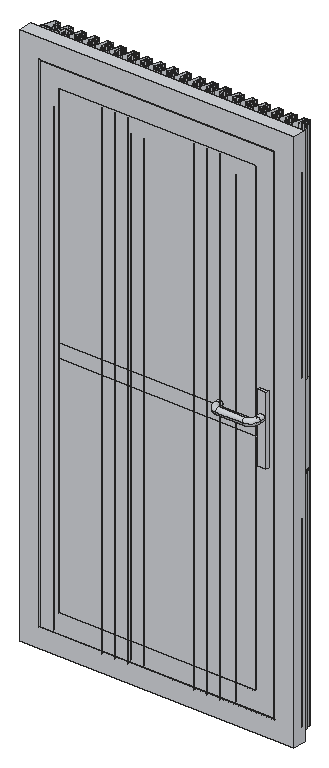
Revit family "NLRS_31_DO_WB_VS42 enkele deur-AV_jazo_jazo", category Doors, host Wall, Revit 2020 (continued)
Definition of nested family "NLRS_31_GM_UN_VS42 start schoep-AV"
  Automatic sketch dimensions
    Extrusion 1 sketch curve to Extrusion 1 sketch curve = 1.8 mm  (x3)
    Extrusion 1 sketch curve to Extrusion 1 sketch curve = 3.2 mm  (x2)
    Extrusion 1 sketch curve to Extrusion 1 sketch curve = 1.322 mm  (x2)
    Extrusion 1 sketch curve to Extrusion 1 sketch curve = 0.521 mm
    Extrusion 1 sketch curve to Extrusion 1 sketch curve = 0.512 mm  (x2)
    Extrusion 1 sketch curve to Extrusion 1 sketch curve = 0.384 mm  (x4)
    Extrusion 1 sketch curve to Extrusion 1 sketch curve = 2.058 mm
    Extrusion 1 sketch curve to Extrusion 1 sketch curve = 1.151 mm  (x3)
    Extrusion 1 sketch curve to Extrusion 1 sketch curve = 7.648 mm
    Extrusion 1 sketch curve to Extrusion 1 sketch curve = 1.853 mm
    Extrusion 1 sketch curve to Extrusion 1 sketch curve = 6.932 mm
    Extrusion 1 sketch curve to Extrusion 1 sketch curve = 0.624 mm
    Extrusion 1 sketch curve to Extrusion 1 sketch curve = 0.036 mm
    Extrusion 1 sketch curve to Extrusion 1 sketch curve = 4.592 mm
    Extrusion 1 sketch curve to Extrusion 1 sketch curve = 0.238 mm
    Extrusion 1 sketch curve to Extrusion 1 sketch curve = 0.82 mm
    Extrusion 1 sketch curve to Extrusion 1 sketch curve = 17.698 mm  (x2)
    Extrusion 1 sketch curve to Extrusion 1 sketch curve = 1.553 mm
    Extrusion 1 sketch curve to Extrusion 1 sketch curve = 10.3 mm
    Extrusion 1 sketch curve to Extrusion 1 sketch curve = 1.554 mm
    Extrusion 1 sketch curve to Extrusion 1 sketch curve = 5.649 mm
    Extrusion 1 sketch curve to Extrusion 1 sketch curve = 7.84 mm
    Extrusion 1 sketch curve to Extrusion 1 sketch curve = 1.31 mm
    Extrusion 1 sketch curve to Extrusion 1 sketch curve = 0.551 mm
    Extrusion 1 sketch curve to Extrusion 1 sketch curve = 0.52 mm  (x2)
    Extrusion 1 sketch curve to Extrusion 1 sketch curve = 1.108 mm
    Extrusion 1 sketch curve to Extrusion 1 sketch curve = 0.43 mm
    Extrusion 1 sketch curve to Extrusion 1 sketch curve = 2.043 mm
    Extrusion 1 sketch curve to Extrusion 1 sketch curve = 2.18 mm
    Extrusion 1 sketch curve to Extrusion 1 sketch curve = 3.49 mm
    Extrusion 1 sketch curve to Extrusion 1 sketch curve = 0.147 mm
    Extrusion 1 sketch curve to Extrusion 1 sketch curve = 0.167 mm
    Extrusion 1 sketch curve to Extrusion 1 sketch curve = 1.76 mm
    Extrusion 1 sketch curve to Extrusion 1 sketch curve = 2.059 mm
    Extrusion 1 sketch curve to Extrusion 1 sketch curve = 7.483 mm
    Extrusion 1 sketch curve to Extrusion 1 sketch curve = 0.165 mm
    Extrusion 1 sketch curve to Extrusion 1 sketch curve = 0.292 mm
    Extrusion 1 sketch curve to Extrusion 1 sketch curve = 29.156 mm
    Extrusion 1 sketch curve to Extrusion 1 sketch curve = 1.738 mm
    Extrusion 1 sketch curve to Extrusion 1 sketch curve = 0.445 mm
    Extrusion 1 sketch curve to Extrusion 1 sketch curve = 0.664 mm
    Extrusion 1 sketch curve to Extrusion 1 sketch curve = 0.108 mm
    Extrusion 1 sketch curve to Extrusion 1 sketch curve = 0.261 mm
    Extrusion 1 sketch curve to Extrusion 1 sketch curve = 0.001 mm
    Extrusion 1 sketch curve to Extrusion 1 sketch curve = 0.003 mm
    Extrusion 1 sketch curve to Extrusion 1 sketch curve = 1.515 mm
    Extrusion 1 sketch curve to plane 3 "Center (Left/Right)" = 45.1 mm
    Extrusion 1 sketch curve to Extrusion 1 sketch curve = 2.205 mm
Definition of nested family "NLRS_31_GM_UN_VS42 schoep-AV"
  Parameters (values of type "VS42 schoep")
    URL = "www.jazo.com"
    NLRS_C_zichtbaar_01 = yes
    NLRS_C_stelruimte_02 = 15 mm
    NLRS_C_stelruimte_01 = 4 mm  # constant formula
    NLRS_C_materiaal = none
    NLRS_C_hoogte [instance] = 800 mm
    Model = ""
    Manufacturer = "JAZO Zevenaar bv"
    Description = "VS42 schoep"
    Default Elevation = 0 mm
    Assembly Code = "23.30.60.11.17.11"
  Reference planes
    plane 1 "Center (Front/Back)": y = 0
    plane 2 "Bottom": z = 0
    plane 3 "Center (Left/Right)": x = 0
    plane 4 "Top": z = 800
    plane 5 "voorkant kozijn": y = -36
    plane 6: z = 796
    plane 7 "stelruimte o": z = 15
    plane 8 "bovenkant schoep": y = 25
    plane 9: y = -25
    plane 10 "Left": x = -31.208
    plane 11 "Right": x = 31.208
    plane 12 "Center (Elevation)": z = 400
  Forms (mm)
    Extrusion 1, solid, material <- "NLRS_C_materiaal", visible <- "NLRS_C_zichtbaar_01"
      sketch origin (0, 0, 0) x (1, 0, 0) y (0, 1, 0)
        loop
          line (-28.999, 2.722) -> (-31.178, -5.408)
          arc (-31.178, -5.408) -> (-30.541, -6.51) -> (-29.439, -5.874) r 0.9
          line (-29.439, -5.874) -> (-27.42, 1.663) -> (-11.382, 1.663) -> (-9.363, -5.874)
          arc (-9.363, -5.874) -> (-8.26, -6.51) -> (-7.624, -5.408) r 0.9
          line (-7.624, -5.408) -> (-11.642, 9.589)
          arc (-11.642, 9.589) -> (-12.745, 10.225) -> (-13.381, 9.123) r 0.9
          line (-13.381, 9.123) -> (-12.033, 4.092)
          arc (-12.033, 4.092) -> (-12.119, 3.658) -> (-12.516, 3.463) r 0.5
          line (-12.516, 3.463) -> (-28.033, 3.463)
          arc (-28.033, 3.463) -> (-28.642, 3.256) -> (-28.999, 2.722) r 1
        loop
          line (-23.658, 15.663) -> (-21.639, 23.2) -> (-13.92, 23.2) -> (-13.92, 21.2)
          arc (-13.92, 21.2) -> (-13.02, 20.3) -> (-12.12, 21.2) r 0.9
          line (-12.12, 21.2) -> (-12.12, 23.2) -> (-4.401, 23.2) -> (6.691, -18.195) -> (5.901, -18.195)
          arc (5.901, -18.195) -> (5.205, -19.098) -> (5.901, -20) r 0.933
          line (5.901, -20) -> (17.405, -20) -> (17.405, -23.2) -> (14.205, -23.2) -> (14.205, -25) -> (19.205, -25) -> (19.205, -20) -> (30.208, -20)
          arc (30.208, -20) -> (31.002, -19.609) -> (31.174, -18.741) r 1
          line (31.174, -18.741) -> (29.331, -11.863)
          arc (29.331, -11.863) -> (28.229, -11.227) -> (27.593, -12.329) r 0.9
          line (27.593, -12.329) -> (28.997, -17.571)
          arc (28.997, -17.571) -> (28.911, -18.004) -> (28.514, -18.2) r 0.5
          line (28.514, -18.2) -> (8.556, -18.2) -> (-2.821, 24.259)
          arc (-2.821, 24.259) -> (-3.178, 24.793) -> (-3.787, 25) r 1
          line (-3.787, 25) -> (-22.252, 25)
          arc (-22.252, 25) -> (-22.861, 24.793) -> (-23.218, 24.259) r 1
          line (-23.218, 24.259) -> (-25.397, 16.129)
          arc (-25.397, 16.129) -> (-24.76, 15.027) -> (-23.658, 15.663) r 0.9
      from 15 to 796
  Dimensions and locks
    locked: plane 5 "voorkant kozijn" to plane 9 at 11
    equal spacing: plane 10 "Left", plane 3 "Center (Left/Right)", plane 11 "Right"
    locked: plane 10 "Left" to plane 11 "Right" at 62.417
    "NLRS_C_stelruimte_01": plane 4 "Top" to plane 6
    "NLRS_C_stelruimte_02": plane 7 "stelruimte o" to plane 2 "Bottom"
    equal spacing: plane 4 "Top", plane 12 "Center (Elevation)", plane 2 "Bottom"
    "NLRS_C_hoogte": plane 4 "Top" to plane 2 "Bottom"
    equal spacing: plane 9, plane 1 "Center (Front/Back)", plane 8 "bovenkant schoep"
    locked: plane 9 to plane 8 "bovenkant schoep" at 50
    aligned and locked: level to plane 2 "Bottom"
    aligned and locked: plane 6 to Extrusion 1
    aligned and locked: Extrusion 1 to plane 7 "stelruimte o"
  Automatic sketch dimensions
    plane 8 "bovenkant schoep" to Extrusion 1 sketch curve = 30.408 mm
    Extrusion 1 sketch curve to plane 10 "Left" = 0.031 mm
    plane 8 "bovenkant schoep" to Extrusion 1 sketch curve = 30.641 mm  (x2)
    Extrusion 1 sketch curve to Extrusion 1 sketch curve = 0.869 mm  (x8)
    plane 8 "bovenkant schoep" to Extrusion 1 sketch curve = 30.874 mm  (x2)
    Extrusion 1 sketch curve to Extrusion 1 sketch curve = 2.178 mm  (x2)
    Extrusion 1 sketch curve to Extrusion 1 sketch curve = 0.966 mm  (x4)
    Extrusion 1 sketch curve to Extrusion 1 sketch curve = 0.614 mm  (x3)
    Extrusion 1 sketch curve to Extrusion 1 sketch curve = 2.637 mm
    Extrusion 1 sketch curve to plane 3 "Center (Left/Right)" = 13.92 mm
    Extrusion 1 sketch curve to plane 3 "Center (Left/Right)" = 13.381 mm
    Extrusion 1 sketch curve to Extrusion 1 sketch curve = 0.9 mm
    Extrusion 1 sketch curve to plane 3 "Center (Left/Right)" = 12.516 mm
    Extrusion 1 sketch curve to Extrusion 1 sketch curve = 0.483 mm  (x2)
    Extrusion 1 sketch curve to Extrusion 1 sketch curve = 1.134 mm
    Extrusion 1 sketch curve to plane 3 "Center (Left/Right)" = 9.363 mm
    Extrusion 1 sketch curve to plane 3 "Center (Left/Right)" = 7.624 mm
    Extrusion 1 sketch curve to plane 3 "Center (Left/Right)" = 4.401 mm
    plane 3 "Center (Left/Right)" to Extrusion 1 sketch curve = 5.901 mm
    Extrusion 1 sketch curve to Extrusion 1 sketch curve = 0 mm  (x2)
    Extrusion 1 sketch curve to Extrusion 1 sketch curve = 0.238 mm
    Extrusion 1 sketch curve to Extrusion 1 sketch curve = 0.79 mm
    Extrusion 1 sketch curve to Extrusion 1 sketch curve = 1.865 mm
    Extrusion 1 sketch curve to Extrusion 1 sketch curve = 5.649 mm
    Extrusion 1 sketch curve to Extrusion 1 sketch curve = 3.2 mm  (x2)
    Extrusion 1 sketch curve to Extrusion 1 sketch curve = 1.8 mm  (x2)
    Extrusion 1 sketch curve to plane 11 "Right" = 3.616 mm
    Extrusion 1 sketch curve to plane 11 "Right" = 2.694 mm
    Extrusion 1 sketch curve to Extrusion 1 sketch curve = 1.694 mm
    plane 8 "bovenkant schoep" to Extrusion 1 sketch curve = 36.863 mm
    Extrusion 1 sketch curve to Extrusion 1 sketch curve = 0.233 mm  (x3)
    Extrusion 1 sketch curve to Extrusion 1 sketch curve = 5.241 mm
    Extrusion 1 sketch curve to Extrusion 1 sketch curve = 0.129 mm
    Extrusion 1 sketch curve to Extrusion 1 sketch curve = 0.005 mm
    Extrusion 1 sketch curve to Extrusion 1 sketch curve = 1.171 mm
    Extrusion 1 sketch curve to Extrusion 1 sketch curve = 0.259 mm  (x3)
    Extrusion 1 sketch curve to Extrusion 1 sketch curve = 0.902 mm
    Extrusion 1 sketch curve to Extrusion 1 sketch curve = 7.537 mm  (x2)
    Extrusion 1 sketch curve to Extrusion 1 sketch curve = 0.8 mm  (x3)
    Extrusion 1 sketch curve to Extrusion 1 sketch curve = 0.5 mm
    Extrusion 1 sketch curve to Extrusion 1 sketch curve = 5.031 mm
    Extrusion 1 sketch curve to Extrusion 1 sketch curve = 6.54 mm
    Extrusion 1 sketch curve to Extrusion 1 sketch curve = 11.611 mm
Definition of nested family "NLRS_31_GM_UN_beslagbak VS42-AV"
  Parameters (values of type "beslagbak VS42")
    URL = "www.jazo.com"
    NLRS_C_diepte_01 = 50 mm
    NLRS_C_afstand = 84.4 mm  # constant formula
    Model = ""
    Manufacturer = "JAZO Zevenaar bv"
    JAZO_C_opbouwrooster VS42 = yes
    JAZO_C_materiaal schoep = none
    JAZO_C_materiaal beslag = none
    Description = "beslagbak VS42"
    Default Elevation = 0 mm
    Assembly Code = "23.30.40.31"
  Reference planes
    plane 1 "Center (Front/Back)": y = 0
    plane 2 "Bottom": z = 0
    plane 3 "Center (Left/Right)": x = 0
    plane 4 "Tussen": x = -179.999
    plane 5 "Right": x = 95
    plane 6 "Left": x = -240
    plane 7 "center hs27r": z = 185
    plane 8 "knop-kruk": x = 10.6
    plane 9 "voorkant kozijn": y = -11
  Forms (mm)
    Extrusion 1, solid, material <- "JAZO_C_materiaal schoep", visible <- "JAZO_C_opbouwrooster VS42"
      sketch origin (0.008, 28.012, 0) x (1, 0, 0) y (0, 1, 0)
        loop
          line (69.95, 20.188) -> (85.433, 20.188) -> (93.224, -8.885)
          arc (93.224, -8.885) -> (94.326, -9.522) -> (94.962, -8.42) r 0.9
          line (94.962, -8.42) -> (87.013, 21.247)
          arc (87.013, 21.247) -> (86.656, 21.782) -> (86.047, 21.988) r 1
          line (86.047, 21.988) -> (67.571, 21.988)
          arc (67.571, 21.988) -> (66.962, 21.782) -> (66.605, 21.247) r 1
          line (66.605, 21.247) -> (64.132, 12.015) -> (41.476, 12.015) -> (39.002, 21.247)
          arc (39.002, 21.247) -> (38.645, 21.782) -> (38.037, 21.988) r 1
          line (38.037, 21.988) -> (19.571, 21.988)
          arc (19.571, 21.988) -> (18.962, 21.782) -> (18.605, 21.247) r 1
          line (18.605, 21.247) -> (16.132, 12.015) -> (-6.524, 12.015) -> (-8.998, 21.247)
          arc (-8.998, 21.247) -> (-9.355, 21.782) -> (-9.963, 21.988) r 1
          line (-9.963, 21.988) -> (-28.429, 21.988)
          arc (-28.429, 21.988) -> (-29.038, 21.782) -> (-29.395, 21.247) r 1
          line (-29.395, 21.247) -> (-37.647, -9.553) -> (-63.424, -9.553) -> (-63.424, -28.012) -> (57.035, -28.012) -> (64.211, -1.23) -> (69.95, 20.188)
      from 295 to 293
    Extrusion 2, solid, material <- "JAZO_C_materiaal schoep", visible <- "JAZO_C_opbouwrooster VS42"
      sketch origin (0.008, 28.012, 0) x (1, 0, 0) y (0, 1, 0)
        loop
          line (-63.424, -9.553) -> (-63.424, -28.012) -> (57.035, -28.012) -> (69.95, 20.188) -> (85.433, 20.188) -> (93.224, -8.885)
          arc (93.224, -8.885) -> (94.326, -9.522) -> (94.962, -8.42) r 0.9
          line (94.962, -8.42) -> (87.013, 21.247)
          arc (87.013, 21.247) -> (86.656, 21.782) -> (86.047, 21.988) r 1
          line (86.047, 21.988) -> (67.571, 21.988)
          arc (67.571, 21.988) -> (66.962, 21.782) -> (66.605, 21.247) r 1
          line (66.605, 21.247) -> (64.132, 12.015) -> (41.476, 12.015) -> (39.002, 21.247)
          arc (39.002, 21.247) -> (38.645, 21.782) -> (38.037, 21.988) r 1
          line (38.037, 21.988) -> (19.571, 21.988)
          arc (19.571, 21.988) -> (18.962, 21.782) -> (18.605, 21.247) r 1
          line (18.605, 21.247) -> (16.132, 12.015) -> (-6.524, 12.015) -> (-8.998, 21.247)
          arc (-8.998, 21.247) -> (-9.355, 21.782) -> (-9.963, 21.988) r 1
          line (-9.963, 21.988) -> (-28.429, 21.988)
          arc (-28.429, 21.988) -> (-29.038, 21.782) -> (-29.395, 21.247) r 1
          line (-29.395, 21.247) -> (-37.647, -9.553) -> (-63.424, -9.553)
      from 2 to 0
    Extrusion 3, solid, material <- "JAZO_C_materiaal schoep", visible <- "JAZO_C_opbouwrooster VS42"
      sketch origin (2.136, 27.023, 0) x (1, 0, 0) y (0, 1, 0)
        loop
          line (54.906, -27.023) -> (67.821, 21.177) -> (83.305, 21.177) -> (91.095, -7.897)
          arc (91.095, -7.897) -> (92.197, -8.534) -> (92.834, -7.431) r 0.9
          line (92.834, -7.431) -> (84.885, 22.235)
          arc (84.885, 22.235) -> (84.528, 22.77) -> (83.919, 22.977) r 1
          line (83.919, 22.977) -> (65.443, 22.977)
          arc (65.443, 22.977) -> (64.834, 22.77) -> (64.477, 22.235) r 1
          line (64.477, 22.235) -> (52.35, -23.023) -> (-61.552, -23.023) -> (-61.552, -8.564) -> (-65.552, -8.564) -> (-65.552, -27.023) -> (54.906, -27.023)
      from 293 to 2
  Cuts and joins
    joined: Extrusion 1, Extrusion 2, Extrusion 3
  Dimensions and locks
    plane 4 "Tussen" to plane 3 "Center (Left/Right)" = 179.999 mm
    plane 3 "Center (Left/Right)" to plane 5 "Right" = 95 mm
    plane 4 "Tussen" to plane 5 "Right" = 274.999 mm
    plane 6 "Left" to plane 4 "Tussen" = 60.001 mm
    "NLRS_C_afstand": plane 5 "Right" to plane 8 "knop-kruk"
    locked: plane 9 "voorkant kozijn" to plane 1 "Center (Front/Back)" at 11
    locked: Extrusion 1 to plane 7 "center hs27r" at 108
    locked: Extrusion 1 to plane 7 "center hs27r" at 110
    locked: Extrusion 2 to level at 2
    locked: Extrusion 3 to plane 7 "center hs27r" at 108
    aligned and locked: level to plane 2 "Bottom"
    aligned and locked: plane 7 "center hs27r" to nested 1
    aligned and locked: plane 8 "knop-kruk" to nested 1
    aligned and locked: Extrusion 2 to plane 2 "Bottom"
  Automatic sketch dimensions
    Extrusion 3 sketch curve to plane 1 "Center (Front/Back)" = 0 mm
    Extrusion 3 sketch curve to plane 3 "Center (Left/Right)" = 63.417 mm
    Extrusion 3 sketch curve to Extrusion 3 sketch curve = 4 mm
    Extrusion 3 sketch curve to plane 1 "Center (Front/Back)" = 4 mm
    plane 5 "Right" to Extrusion 3 sketch curve = 40.514 mm
    Extrusion 3 sketch curve to Extrusion 3 sketch curve = 2.556 mm
    plane 5 "Right" to Extrusion 3 sketch curve = 28.387 mm
    Extrusion 3 sketch curve to Extrusion 3 sketch curve = 14.459 mm
    plane 1 "Center (Front/Back)" to Extrusion 2 sketch curve = 0 mm
    Extrusion 2 sketch curve to plane 3 "Center (Left/Right)" = 63.417 mm
    Extrusion 2 sketch curve to plane 3 "Center (Left/Right)" = 37.64 mm
    Extrusion 2 sketch curve to Extrusion 2 sketch curve = 8.253 mm
    Extrusion 2 sketch curve to Extrusion 2 sketch curve = 30.8 mm
    Extrusion 2 sketch curve to Extrusion 2 sketch curve = 0.966 mm  (x6)
    Extrusion 2 sketch curve to Extrusion 2 sketch curve = 0.259 mm  (x3)
    Extrusion 2 sketch curve to plane 3 "Center (Left/Right)" = 9.956 mm
    Extrusion 2 sketch curve to Extrusion 2 sketch curve = 1 mm  (x3)
    Extrusion 2 sketch curve to plane 3 "Center (Left/Right)" = 6.516 mm
    Extrusion 2 sketch curve to Extrusion 2 sketch curve = 9.232 mm  (x3)
    plane 8 "knop-kruk" to Extrusion 2 sketch curve = 5.539 mm
    plane 8 "knop-kruk" to Extrusion 2 sketch curve = 8.013 mm
    Extrusion 2 sketch curve to Extrusion 2 sketch curve = 18.465 mm
    Extrusion 2 sketch curve to Extrusion 2 sketch curve = 2.474 mm  (x2)
    Extrusion 2 sketch curve to Extrusion 2 sketch curve = 22.656 mm
    Extrusion 2 sketch curve to Extrusion 2 sketch curve = 8.973 mm
    plane 5 "Right" to Extrusion 2 sketch curve = 8.945 mm
    plane 5 "Right" to Extrusion 2 sketch curve = 0.03 mm
    Extrusion 2 sketch curve to plane 1 "Center (Front/Back)" = 19.592 mm
    plane 5 "Right" to Extrusion 2 sketch curve = 0.9 mm
    Extrusion 2 sketch curve to Extrusion 2 sketch curve = 0.233 mm
    Extrusion 2 sketch curve to Extrusion 2 sketch curve = 0.869 mm
    Extrusion 2 sketch curve to Extrusion 2 sketch curve = 0.614 mm
    Extrusion 2 sketch curve to Extrusion 2 sketch curve = 0.8 mm
    Extrusion 2 sketch curve to Extrusion 2 sketch curve = 2.379 mm
    Extrusion 2 sketch curve to Extrusion 2 sketch curve = 7.097 mm
    Extrusion 2 sketch curve to Extrusion 2 sketch curve = 40.027 mm
    Extrusion 3 sketch curve to Extrusion 3 sketch curve = 44.2 mm
    Extrusion 3 sketch curve to Extrusion 3 sketch curve = 0.259 mm
    Extrusion 3 sketch curve to Extrusion 3 sketch curve = 0.966 mm  (x2)
    Extrusion 3 sketch curve to Extrusion 3 sketch curve = 2.379 mm
    plane 5 "Right" to Extrusion 3 sketch curve = 9.559 mm
    Extrusion 3 sketch curve to Extrusion 3 sketch curve = 0.614 mm
    Extrusion 3 sketch curve to Extrusion 3 sketch curve = 0.8 mm
    Extrusion 3 sketch curve to Extrusion 3 sketch curve = 1 mm
    plane 5 "Right" to Extrusion 3 sketch curve = 0.03 mm
    Extrusion 3 sketch curve to plane 1 "Center (Front/Back)" = 19.592 mm
    plane 5 "Right" to Extrusion 3 sketch curve = 1.769 mm
    Extrusion 3 sketch curve to Extrusion 3 sketch curve = 0.466 mm
    plane 5 "Right" to Extrusion 3 sketch curve = 0.9 mm
    plane 1 "Center (Front/Back)" to Extrusion 1 sketch curve = 0 mm
    Extrusion 1 sketch curve to plane 3 "Center (Left/Right)" = 63.417 mm
    Extrusion 1 sketch curve to plane 1 "Center (Front/Back)" = 18.459 mm
    Extrusion 1 sketch curve to plane 3 "Center (Left/Right)" = 29.387 mm
    Extrusion 1 sketch curve to Extrusion 1 sketch curve = 0.966 mm  (x6)
    Extrusion 1 sketch curve to plane 3 "Center (Left/Right)" = 9.956 mm
    Extrusion 1 sketch curve to plane 3 "Center (Left/Right)" = 6.516 mm
    plane 8 "knop-kruk" to Extrusion 1 sketch curve = 5.539 mm
    plane 8 "knop-kruk" to Extrusion 1 sketch curve = 8.013 mm
    Extrusion 1 sketch curve to Extrusion 1 sketch curve = 18.465 mm
    Extrusion 1 sketch curve to Extrusion 1 sketch curve = 2.474 mm  (x2)
    plane 5 "Right" to Extrusion 1 sketch curve = 37.958 mm
    Extrusion 1 sketch curve to Extrusion 1 sketch curve = 22.656 mm
    Extrusion 1 sketch curve to Extrusion 1 sketch curve = 0.079 mm
    Extrusion 1 sketch curve to Extrusion 1 sketch curve = 2.379 mm
    plane 5 "Right" to Extrusion 1 sketch curve = 9.559 mm
    Extrusion 1 sketch curve to Extrusion 1 sketch curve = 0.614 mm
    plane 5 "Right" to Extrusion 1 sketch curve = 1.769 mm
    plane 5 "Right" to Extrusion 1 sketch curve = 0.9 mm
    plane 5 "Right" to Extrusion 1 sketch curve = 0.03 mm
    Extrusion 1 sketch curve to plane 1 "Center (Front/Back)" = 19.126 mm
    Extrusion 1 sketch curve to Extrusion 1 sketch curve = 0.233 mm
    Extrusion 1 sketch curve to plane 1 "Center (Front/Back)" = 26.781 mm
    Extrusion 1 sketch curve to Extrusion 1 sketch curve = 13.246 mm
    Extrusion 1 sketch curve to Extrusion 1 sketch curve = 21.568 mm
    Extrusion 1 sketch curve to Extrusion 1 sketch curve = 8.173 mm
    Extrusion 1 sketch curve to Extrusion 1 sketch curve = 8.973 mm  (x3)
    Extrusion 1 sketch curve to Extrusion 1 sketch curve = 0.8 mm  (x2)
    Extrusion 1 sketch curve to Extrusion 1 sketch curve = 0 mm
    Extrusion 1 sketch curve to Extrusion 1 sketch curve = 0.259 mm  (x3)
    Extrusion 1 sketch curve to Extrusion 1 sketch curve = 25.777 mm
  Nested families
    nested 1: "NLRS_31_GM_UN_beslag opbouwrooster-AV" at (10.6, -11, 22), visible <- "JAZO_C_opbouwrooster VS42", type "beslag opbouwrooster"
  Definition of nested family "NLRS_31_GM_UN_beslag opbouwrooster-AV"
    Parameters (values of type "beslag opbouwrooster")
      URL = "www.jazo.com"
      NLRS_C_materiaal = none
      NLRS_C_diepte_01 = 50 mm
      Model = ""
      Manufacturer = "Jazo Zevenaar bv"
      Description = "Beslag opbouwrooster"
      Default Elevation = 0 mm
      Assembly Code = "23.30.40.31"
    Reference planes
      plane 1 "Center (Front/Back)": y = 0
      plane 2 "Bottom": z = 0
      plane 3 "Center (Left/Right)": x = 0
      plane 4 "kruk": z = 163
      plane 5 "cilinder": z = 71.5
      plane 6 "achterkant kozijn": y = -50
      plane 7 "start beslag": y = 15
    Forms (mm)
      Extrusion 1, solid, material <- "NLRS_C_materiaal"
        sketch origin (0, 37, 0) x (1, 0, 0) y (0, 1, 0)
          loop
            line (-16, -10) -> (-16, -22) -> (16, -22) -> (16, -10) -> (-16, -10)
        from 0 to 251
      Extrusion 2, solid, material <- "NLRS_C_materiaal"
        sketch origin (0, 0, 0) x (1, 0, 0) y (0, 0, -1)
          loop
            circle (0, -163) r 11
        from 27 to 57
      Extrusion 3, solid, material <- "NLRS_C_materiaal"
        sketch origin (0, 0, 0) x (1, 0, 0) y (0, 0, -1)
          loop
            circle (0, -163) r 25
        from 57 to 73
      Sweep 4, solid, material <- "NLRS_C_materiaal"
        path origin (0, -4, 0) x (1, 0, 0) y (0, 1, 0)
          loop
            line (0, -58) -> (0, -80)
            arc (0, -80) -> (-7.249, -97.5) -> (-24.749, -104.749) r 24.749
            line (-24.749, -104.749) -> (-120.749, -104.749)
            arc (-120.749, -104.749) -> (-138.249, -97.5) -> (-145.497, -80) r 24.749
            line (-145.497, -80) -> (-145.497, -69)
        profile origin (0, -73, 0) x (1, 0, 0) y (0, 0, 1)
          loop
            circle (0, 163) r 11
      Extrusion 5, solid, material <- "NLRS_C_materiaal"
        sketch origin (0, -37, 0) x (1, 0, 0) y (0, 1, 0)
          loop
            line (-16, -25) -> (16, -25) -> (16, -13) -> (-16, -13) -> (-16, -25)
        from 0 to 251
    Dimensions and locks
      locked: plane 4 "kruk" to plane 2 "Bottom" at 163
      locked: plane 5 "cilinder" to plane 2 "Bottom" at 71.5
      locked: plane 7 "start beslag" to Extrusion 2 at 12
      locked: plane 7 "start beslag" to Extrusion 3 at 42
      locked: Extrusion 3 to plane 7 "start beslag" at 58
      locked: plane 1 "Center (Front/Back)" to plane 7 "start beslag" at 15
      "NLRS_C_diepte_01": plane 6 "achterkant kozijn" to plane 1 "Center (Front/Back)"
      aligned and locked: level to plane 2 "Bottom"
      aligned and locked: Extrusion 1 to plane 7 "start beslag"
      aligned and locked: Extrusion 2 to Extrusion 3
      aligned and locked: Extrusion 2 to Extrusion 1
    Automatic sketch dimensions
      Extrusion 1 sketch curve to plane 7 "start beslag" = 0 mm
      Extrusion 1 sketch curve to plane 3 "Center (Left/Right)" = 16 mm
      plane 3 "Center (Left/Right)" to Extrusion 1 sketch curve = 16 mm
      plane 7 "start beslag" to Extrusion 1 sketch curve = 12 mm
      Extrusion 2 sketch curve to plane 3 "Center (Left/Right)" = 0 mm
      Extrusion 2 sketch curve to plane 4 "kruk" = 0 mm
      Extrusion 3 sketch curve to plane 3 "Center (Left/Right)" = 0 mm
      Extrusion 3 sketch curve to plane 4 "kruk" = 0 mm
      Sweep 4 sketch curve to plane 3 "Center (Left/Right)" = 0 mm
      Sweep 4 sketch curve to plane 3 "Center (Left/Right)" = 24.749 mm
      Sweep 4 sketch curve to plane 6 "achterkant kozijn" = 58.749 mm
      Sweep 4 sketch curve to Sweep 4 sketch curve = 96 mm
      Sweep 4 sketch curve to Sweep 4 sketch curve = 24.749 mm
      Sweep 4 sketch curve to Sweep 4 sketch curve = 11 mm
      Sweep 4 sketch curve to plane 6 "achterkant kozijn" = 12 mm
      profile plane to Sweep 4 sketch curve = 0 mm
      profile plane to Sweep 4 sketch curve = 163 mm
      Extrusion 5 sketch curve to plane 6 "achterkant kozijn" = 0 mm
      Extrusion 5 sketch curve to plane 3 "Center (Left/Right)" = 16 mm
      plane 3 "Center (Left/Right)" to Extrusion 5 sketch curve = 16 mm
      Extrusion 5 sketch curve to Extrusion 5 sketch curve = 12 mm
      radius of Extrusion 2 sketch curve = 11 mm
      radius of Extrusion 3 sketch curve = 25 mm
      radius of Sweep 4 sketch curve = 11 mm
Definition of nested family "NLRS_31_GM_UN_aluminium kozijn-AV"
  Parameters (values of type "aluminium kozijn")
    URL = "www.jazo.com"
    NLRS_C_zichtbaar_01 = no
    NLRS_C_materiaal = none
    NLRS_C_hoogte = 2000 mm
    NLRS_C_diepte = 50 mm
    NLRS_C_breedte = 1000 mm
    Model = "Aluminium kozijn"
    Manufacturer = "JAZO Zevenaar bv"
    Description = "Aluminium kozijn"
    Default Elevation = 0 mm
    Assembly Code = "23.30.10.11.11"
  Reference planes
    plane 1 "Center (Front/Back)": y = 0
    plane 2 "Bottom": z = 0
    plane 3 "Center (Left/Right)": x = 0
    plane 4 "Left": x = -500
    plane 5 "Right": x = 500
    plane 6 "Top": z = 2000
    plane 7 "voorkant kozijn": y = 25
    plane 8 "offset": y = 0
    plane 9 "achterkant kozijn": y = -25
    plane 10 "offset links 1": x = -480
    plane 11 "offset boven": z = 1980
    plane 12 "offset rechts 1": x = 480
    plane 13 "offset links 2": x = -448
    plane 14 "offset rechts 2": x = 448
  Forms (mm)
    Sweep 1, solid, material <- "NLRS_C_materiaal", visible <- "NLRS_C_zichtbaar_01"
      path origin (0, 0, 0) x (1, 0, 0) y (0, 0, 1)
        loop
          line (-500, 0) -> (500, 0) -> (500, 2000) -> (-500, 2000) -> (-500, 0)
      profile origin (0, 0, 0) x (0, 0, 1) y (0, -1, 0)
        loop
          line (0, 30) -> (0, -30) -> (20, -30) -> (20, 4.5) -> (52, 4.5) -> (52, 30) -> (0, 30)
    Sweep 2, solid, material <- "NLRS_C_materiaal", visible <- "NLRS_C_zichtbaar_01"
      path origin (0, 0, 0) x (1, 0, 0) y (0, 0, 1)
        loop
          line (-480, 1980) -> (480, 1980)
      profile origin (0, 0, 1980) x (0, 0, 1) y (0, -1, 0)
        loop
          line (0, 4.5) -> (-2, 4.5) -> (-2, -30) -> (-4.657, -39.654)
          arc (-4.657, -39.654) -> (-5.372, -40.723) -> (-6.589, -41.137) r 2
          line (-6.589, -41.137) -> (-13.04, -41.137) -> (-13.04, -43.137) -> (-6.589, -43.137)
          arc (-6.589, -43.137) -> (-4.154, -42.31) -> (-2.726, -40.172) r 4
          line (-2.726, -40.172) -> (0, -30) -> (0, 4.5)
  Lines and regions (mm)
    symbolic lines, visible <- "NLRS_C_zichtbaar_01"
      curve 1: line (-448, -25, 0) -> (448, -25, 0)
      curve 2: line (-480, 25, 0) -> (480, 25, 0)
      curve 3: line (0, 25, 1980) -> (0, 25, 20)
      curve 4: line (0, -25, 52) -> (0, -25, 1948)
      curve 5: line (-448, -4.5, 0) -> (448, -4.5, 0)
  Dimensions and locks
    "NLRS_C_hoogte": plane 6 "Top" to plane 2 "Bottom"
    "NLRS_C_breedte": plane 4 "Left" to plane 5 "Right"
    equal spacing: plane 4 "Left", plane 3 "Center (Left/Right)", plane 5 "Right"
    "NLRS_C_diepte": plane 7 "voorkant kozijn" to plane 9 "achterkant kozijn"
    equal spacing: plane 7 "voorkant kozijn", plane 1 "Center (Front/Back)", plane 9 "achterkant kozijn"
    locked: plane 4 "Left" to plane 10 "offset links 1" at 20
    locked: plane 6 "Top" to plane 11 "offset boven" at 20
    plane 12 "offset rechts 1" to plane 5 "Right" = 20 mm
    locked: plane 10 "offset links 1" to plane 13 "offset links 2" at 32
    locked: plane 14 "offset rechts 2" to plane 12 "offset rechts 1" at 32
    aligned and locked: level to plane 2 "Bottom"
    aligned and locked: plane 9 "achterkant kozijn" to nested 3
    aligned and locked: nested 4 to plane 9 "achterkant kozijn"
    aligned and locked: nested 1 to plane 9 "achterkant kozijn"
    aligned and locked: plane 9 "achterkant kozijn" to nested 2
    aligned and locked: Sweep 1 sketch curve to plane 6 "Top"
    aligned and locked: plane 5 "Right" to Sweep 1 sketch curve
    aligned and locked: Sweep 1 sketch curve to plane 4 "Left"
    aligned and locked: level to Sweep 1 sketch curve
    aligned and locked: plane 5 "Right" to nested 2
    aligned and locked: plane 4 "Left" to nested 1
    aligned and locked: plane 6 "Top" to nested 3
    aligned and locked: plane 2 "Bottom" to nested 4
    aligned and locked: Sweep 2 sketch curve to plane 11 "offset boven"
    aligned and locked: plane 12 "offset rechts 1" to Sweep 2 sketch curve
    aligned and locked: plane 10 "offset links 1" to Sweep 2 sketch curve
    aligned and locked: curve 1 to plane 9 "achterkant kozijn"
    aligned and locked: curve 2 to plane 7 "voorkant kozijn"
    aligned and locked: plane 11 "offset boven" to Sweep 2
    aligned and locked: plane 7 "voorkant kozijn" to curve 3
    aligned and locked: curve 4 to plane 9 "achterkant kozijn"
  Automatic sketch dimensions
    Sweep 1 sketch curve to profile plane = 0 mm
    plane 1 "Center (Front/Back)" to Sweep 1 sketch curve = 4.5 mm
    Sweep 1 sketch curve to Sweep 1 sketch curve = 20 mm
    Sweep 1 sketch curve to Sweep 1 sketch curve = 32 mm
    Sweep 1 sketch curve to plane 1 "Center (Front/Back)" = 30 mm
    plane 1 "Center (Front/Back)" to Sweep 1 sketch curve = 30 mm
    Sweep 2 sketch curve to Sweep 2 sketch curve = 0 mm  (x3)
    profile plane to Sweep 2 sketch curve = 0 mm
    profile plane to Sweep 2 sketch curve = 2 mm
    profile plane to Sweep 2 sketch curve = 2.726 mm
    Sweep 2 sketch curve to Sweep 2 sketch curve = 1.932 mm  (x2)
    Sweep 2 sketch curve to Sweep 2 sketch curve = 6.451 mm
    Sweep 2 sketch curve to plane 1 "Center (Front/Back)" = 43.137 mm
    Sweep 2 sketch curve to Sweep 2 sketch curve = 2 mm
    Sweep 2 sketch curve to Sweep 2 sketch curve = 0.965 mm
    Sweep 2 sketch curve to Sweep 2 sketch curve = 10.172 mm
    plane 1 "Center (Front/Back)" to Sweep 2 sketch curve = 4.5 mm
    level to curve 3 = 20 mm
    level to curve 4 = 52 mm
    curve 4 to plane 11 "offset boven" = 32 mm
    curve 3 to plane 11 "offset boven" = 0 mm
    curve 2 to plane 10 "offset links 1" = 0 mm
    curve 5 to plane 13 "offset links 2" = 0 mm
    curve 1 to plane 13 "offset links 2" = 0 mm
    curve 5 to plane 14 "offset rechts 2" = 0 mm
    curve 1 to plane 14 "offset rechts 2" = 0 mm
    curve 2 to plane 12 "offset rechts 1" = 0 mm
    plane 1 "Center (Front/Back)" to curve 5 = 4.5 mm
  Nested families
    nested 1: "NLRS_31_DI_UN_alu kozijn detail" at (-500, 35, 0), visible <- "NLRS_C_zichtbaar_01", type "alu kozijn detail"
    nested 2: "NLRS_31_DI_UN_alu kozijn detail" at (500, 35, 0) x (-1, 0, 0) z (0, 0, 1), visible <- "NLRS_C_zichtbaar_01", type "alu kozijn detail"
    nested 3: "NLRS_31_DI_UN_alu kozijn detail" at (0, 35, 2000) x (0, 0, -1) z (1, 0, 0), visible <- "NLRS_C_zichtbaar_01", type "alu kozijn detail"
    nested 4: "NLRS_31_DI_UN_alu kozijn detail" at (0, 35, 0) x (0, 0, 1) z (1, 0, 0), visible <- "NLRS_C_zichtbaar_01", type "alu kozijn detail"
  Definition of nested family "NLRS_31_DI_UN_alu kozijn detail"
    Parameters (values of type "alu kozijn detail")
      URL = "www.jazo.com"
      Manufacturer = "Jazo Zevenaar BV"
      Description = "Aluminium kozijn detail"
      Assembly Code = "23.30.10.11.11"
    Reference planes
      plane 1 "Center (Front/Back)": y = 0
      plane 2: z = 0
      plane 3 "Center (Left/Right)": x = 0
    Lines and regions (mm)
      detail lines, in view "Ref. Level"
        curve 1: line (16.3, 18, 0) -> (16.3, 30, 0)
        curve 2: line (16.3, 30, 0) -> (18, 31.7, 0)
        curve 3: line (18, 31.7, 0) -> (18, 35.5, 0)
        curve 4: arc (18, 35.5, 0) -> (18.293, 36.207, 0) -> (19, 36.5, 0) r 1
        curve 5: line (19, 36.5, 0) -> (39.6, 36.5, 0)
        curve 6: line (39.6, 36.5, 0) -> (39.6, 38.3, 0)
        curve 7: arc (39.6, 38.3, 0) -> (39.893, 39.007, 0) -> (40.6, 39.3, 0) r 1
        curve 8: line (40.6, 39.3, 0) -> (50, 39.3, 0)
        curve 9: line (50, 39.3, 0) -> (50, 54.5, 0)
        curve 10: line (50, 54.5, 0) -> (48, 54.5, 0)
        curve 11: line (48, 54.5, 0) -> (48, 56, 0)
        curve 12: line (48, 56, 0) -> (50, 56, 0)
        curve 13: line (50, 56, 0) -> (50, 58, 0)
        curve 14: line (50, 58, 0) -> (18.3, 58, 0)
        curve 15: line (18.3, 58, 0) -> (18.3, 56, 0)
        curve 16: line (18.3, 56, 0) -> (20.3, 56, 0)
        curve 17: line (20.3, 56, 0) -> (20.3, 54.5, 0)
        curve 18: line (20.3, 54.5, 0) -> (18.3, 54.5, 0)
        curve 19: line (18.3, 54.5, 0) -> (18.3, 52, 0)
        curve 20: arc (18.3, 52, 0) -> (17.3, 51, 0) -> (16.3, 52, 0) r 1
        curve 21: line (16.3, 52, 0) -> (16.3, 58, 0)
        curve 22: line (16.3, 58, 0) -> (4, 58, 0)
        curve 23: line (4, 58, 0) -> (4, 48, 0)
        curve 24: line (4, 48, 0) -> (5.7, 47.019, 0)
        curve 25: line (5.7, 47.019, 0) -> (5.7, 38.1, 0)
        curve 26: line (5.7, 38.1, 0) -> (4, 37.119, 0)
        curve 27: line (4, 37.119, 0) -> (4, 29.491, 0)
        curve 28: line (4, 29.491, 0) -> (5.7, 28.51, 0)
        curve 29: line (5.7, 28.51, 0) -> (5.7, 12.981, 0)
        curve 30: line (5.7, 12.981, 0) -> (4, 12, 0)
        curve 31: line (4, 12, 0) -> (4, 4.5, 0)
        curve 32: line (4, 4.5, 0) -> (5.7, 3.519, 0)
        curve 33: line (5.7, 3.519, 0) -> (5.7, 2, 0)
        curve 34: line (5.7, 2, 0) -> (16.3, 2, 0)
        curve 35: line (16.3, 2, 0) -> (16.3, 9, 0)
        curve 36: line (16.3, 9, 0) -> (18, 9.981, 0)
        curve 37: line (18, 9.981, 0) -> (18, 16.3, 0)
        curve 38: line (18, 16.3, 0) -> (16.3, 18, 0)
        curve 39: line (42.724, 34.5, 0) -> (20, 34.5, 0)
        curve 40: line (20, 34.5, 0) -> (20, 25, 0)
        curve 41: line (20, 34.5, 0) -> (20, 0, 0)
        curve 42: line (20, 0, 0) -> (0, 0, 0)
        curve 43: line (0, 0, 0) -> (0, 2, 0)
        curve 44: line (0, 2, 0) -> (2, 2, 0)
        curve 45: line (2, 2, 0) -> (2, 12, 0)
        curve 46: line (2, 12, 0) -> (0, 12, 0)
        curve 47: line (0, 12, 0) -> (0, 14, 0)
        curve 48: line (0, 14, 0) -> (2, 14, 0)
        curve 49: line (2, 14, 0) -> (2, 46, 0)
        curve 50: line (2, 46, 0) -> (0, 46, 0)
        curve 51: line (0, 46, 0) -> (0, 48, 0)
        curve 52: line (0, 48, 0) -> (2, 48, 0)
        curve 53: line (2, 48, 0) -> (2, 58, 0)
        curve 54: line (2, 58, 0) -> (0, 58, 0)
        curve 55: line (0, 58, 0) -> (0, 60, 0)
        curve 56: line (0, 60, 0) -> (52, 60, 0)
        curve 57: line (52, 60, 0) -> (52, 34.5, 0)
        curve 58: line (52, 34.5, 0) -> (48.876, 34.5, 0)
        curve 59: line (42.724, 34.5, 0) -> (20, 34.5, 0)
        curve 60: line (41.6, 35.5, 0) -> (43, 35.5, 0)
        curve 61: line (41.6, 37.3, 0) -> (41.6, 35.5, 0)
        curve 62: line (50, 37.3, 0) -> (41.6, 37.3, 0)
        curve 63: line (50, 35.5, 0) -> (50, 37.3, 0)
        curve 64: line (48.6, 35.5, 0) -> (50, 35.5, 0)
        curve 65: arc (42.724, 34.5, 0) -> (43.243, 34.895, 0) -> (43, 35.5, 0) r 0.538
        curve 66: arc (48.876, 34.5, 0) -> (48.357, 34.895, 0) -> (48.6, 35.5, 0) r 0.538
Definition of nested family "NLRS_31_GM_UN_aluminium planken opbouwroosters-AV"
  Parameters (values of type "aluminium planken")
    URL = "www.jazo.com"
    NLRS_C_zichtbaar_02 = if(JAZO_C_aluminium kozijn, if(and(NLRS_C_inbraakwerend, JAZO_C_ventilerend), 1 < 2, if(and(NLRS_C_inbraakwerend, JAZO_C_ventilerend), 1 < 2, 2 < 1)), 2 < 1)  # no
    NLRS_C_zichtbaar_01 = if(JAZO_C_aluminium kozijn, if(or(JAZO_C_niet ventilerend, NLRS_C_zichtbaar_02), 1 < 2, 2 < 1), 2 < 1)  # yes
    NLRS_C_offset_01 = 10 mm
    NLRS_C_materiaal = none
    NLRS_C_inbraakwerend = no
    NLRS_C_hoogte_04 = (NLRS_C_hoogte / 2) - 102.5 mm - 138 mm  # 1159.5 mm
    NLRS_C_hoogte_03 = (NLRS_C_hoogte / 2) - 102.5 mm - 142 mm  # 1155.5 mm
    NLRS_C_hoogte_02 = NLRS_C_hoogte - 33 mm - 37 mm  # 2730 mm
    NLRS_C_hoogte = 2800 mm
    NLRS_C_diepte = 60 mm  # constant formula
    NLRS_C_breedte_03 = NLRS_C_breedte - (129 mm * 2)  # 1142 mm
    NLRS_C_breedte_02 = NLRS_C_breedte - (123.5 mm * 2)  # 1153 mm
    NLRS_C_breedte_01 = NLRS_C_breedte - 24 mm * 2  # 1352 mm
    NLRS_C_breedte = 1400 mm
    NLRS_C_aantal_02 = NLRS_C_hoogte_04 / 20 mm  # 58
    NLRS_C_aantal_01 = NLRS_C_hoogte_03 / 20 mm  # 58
    Model = ""
    Manufacturer = "JAZO Zevenaar bv"
    Keynote = ""
    JAZO_C_ventilerend = no
    JAZO_C_niet ventilerend = yes
    JAZO_C_aluminium kozijn = yes
    Description = "Aluminium planken"
    Default Elevation = 0 mm
    Assembly Code = "23.30.10.11"
  Reference planes
    plane 1 "Center (Front/Back)": y = 0
    plane 2 "Bottom": z = 0
    plane 3 "Center (Left/Right)": x = 0
    plane 4 "Left": x = -700
    plane 5 "Right": x = 700
    plane 6 "Top": z = 2800
    plane 7 "voorkant kozijn": y = 30
    plane 8 "achterkant kozijn": y = -30
    plane 9 "offset b": z = 2763
    plane 10 "offset o": z = 33
    plane 11 "onder 1": z = 138
    plane 12 "boven 1": z = 1297.5
    plane 13 "Center (Elevation)": z = 1400
    plane 14 "onder 2": z = 1502.5
    plane 15 "boven 2": z = 2658
    plane 16 "offset left": x = -676
    plane 17 "boven 3": x = 676
    plane 18 "offset links 2": x = -571
    plane 19 "offset rechts 2": x = 571
    plane 20 "offset bottom": y = -7.192
    plane 21 "offset top": y = 7.192
    plane 22 "achterkant plank": y = -15.008
    plane 23 "voorkant plank": y = 15.008
    plane 24: x = -561
    plane 25: x = 561
    plane 26: z = 2648
    plane 27: z = 1512.5
    plane 28: z = 1287.5
    plane 29: z = 148
  Forms (mm)
    Extrusion 1, solid, material <- "NLRS_C_materiaal", visible <- "NLRS_C_zichtbaar_01"
      sketch origin (0, 0, 0) x (1, 0, 0) y (0, 0, 1)
        loop
          line (-571, 2658) -> (-571, 1502.5) -> (571, 1502.5) -> (571, 2658) -> (-571, 2658)
        loop
          line (-571, 1297.5) -> (-571, 138) -> (571, 138) -> (571, 1297.5) -> (-571, 1297.5)
      from -7.192 to 7.192
    Extrusion 2, solid, visible <- "NLRS_C_zichtbaar_02"
      sketch origin (1000, 0, 0) x (1, 0, 0) y (0, 0, 1)
        loop
          line (-1561, 2648) -> (-1561, 1512.5) -> (-439, 1512.5) -> (-439, 2648) -> (-1561, 2648)
        loop
          line (-1561, 1287.5) -> (-1561, 148) -> (-439, 148) -> (-439, 1287.5) -> (-1561, 1287.5)
      from -7.192 to 7.192
  Lines and regions (mm)
    symbolic lines, visible <- "JAZO_C_aluminium kozijn"
      curve 1: line (-576.485, -15.008, 0) -> (576.485, -15.008, 0)
      curve 2: line (576.485, 15.008, 0) -> (-576.485, 15.008, 0)
  Dimensions and locks
    "NLRS_C_hoogte": plane 6 "Top" to plane 2 "Bottom"
    "NLRS_C_breedte": plane 4 "Left" to plane 5 "Right"
    equal spacing: plane 4 "Left", plane 3 "Center (Left/Right)", plane 5 "Right"
    "NLRS_C_diepte": plane 7 "voorkant kozijn" to plane 8 "achterkant kozijn"
    equal spacing: plane 7 "voorkant kozijn", plane 1 "Center (Front/Back)", plane 8 "achterkant kozijn"
    locked: plane 10 "offset o" to plane 2 "Bottom" at 33
    locked: plane 6 "Top" to plane 9 "offset b" at 37
    plane 9 "offset b" to plane 10 "offset o" = 2730 mm
    equal spacing: plane 6 "Top", plane 13 "Center (Elevation)", plane 2 "Bottom"
    locked: plane 13 "Center (Elevation)" to plane 12 "boven 1" at 102.5
    locked: plane 11 "onder 1" to plane 2 "Bottom" at 138
    locked: plane 14 "onder 2" to plane 13 "Center (Elevation)" at 102.5
    locked: plane 6 "Top" to plane 15 "boven 2" at 142
    equal spacing: plane 16 "offset left", plane 3 "Center (Left/Right)", plane 17 "boven 3"
    "NLRS_C_breedte_01": plane 16 "offset left" to plane 17 "boven 3"
    "NLRS_C_breedte_03": plane 18 "offset links 2" to plane 19 "offset rechts 2"
    equal spacing: plane 18 "offset links 2", plane 3 "Center (Left/Right)", plane 19 "offset rechts 2"
    equal spacing: plane 22 "achterkant plank", plane 1 "Center (Front/Back)", plane 23 "voorkant plank"
    locked: plane 22 "achterkant plank" to plane 23 "voorkant plank" at 30.015
    locked: plane 21 "offset top" to plane 20 "offset bottom" at 14.385
    equal spacing: plane 21 "offset top", plane 1 "Center (Front/Back)", plane 20 "offset bottom"
    "NLRS_C_offset_01": plane 29 to plane 11 "onder 1"
    "NLRS_C_offset_01": plane 12 "boven 1" to plane 28
    "NLRS_C_offset_01": plane 27 to plane 14 "onder 2"
    "NLRS_C_offset_01": plane 15 "boven 2" to plane 26
    "NLRS_C_offset_01": plane 19 "offset rechts 2" to plane 25
    "NLRS_C_offset_01": plane 24 to plane 18 "offset links 2"
    aligned and locked: level to plane 2 "Bottom"
    aligned and locked: plane 1 "Center (Front/Back)" to nested 1
    aligned and locked: nested 1 to plane 16 "offset left"
    aligned and locked: plane 17 "boven 3" to nested 2
    aligned and locked: plane 10 "offset o" to nested 1
    aligned and locked: nested 2 to plane 10 "offset o"
    aligned and locked: plane 9 "offset b" to nested 3
    aligned and locked: plane 1 "Center (Front/Back)" to nested 3
    aligned and locked: plane 3 "Center (Left/Right)" to nested 3
    aligned and locked: plane 3 "Center (Left/Right)" to nested 4
    aligned and locked: plane 1 "Center (Front/Back)" to nested 4
    aligned and locked: plane 10 "offset o" to nested 4
    aligned and locked: plane 3 "Center (Left/Right)" to nested 5
    aligned and locked: plane 1 "Center (Front/Back)" to nested 5
    aligned and locked: plane 13 "Center (Elevation)" to nested 5
    aligned and locked: Extrusion 1 sketch curve to plane 15 "boven 2"
    aligned and locked: plane 18 "offset links 2" to Extrusion 1 sketch curve  (x2)
    aligned and locked: Extrusion 1 sketch curve to plane 14 "onder 2"
    aligned and locked: Extrusion 1 sketch curve to plane 19 "offset rechts 2"
    aligned and locked: Extrusion 1 sketch curve to plane 12 "boven 1"
    aligned and locked: Extrusion 1 sketch curve to plane 11 "onder 1"
    aligned and locked: plane 19 "offset rechts 2" to Extrusion 1 sketch curve
    aligned and locked: Extrusion 1 to plane 21 "offset top"
    aligned and locked: Extrusion 1 to plane 20 "offset bottom"
    aligned and locked: plane 22 "achterkant plank" to curve 1
    aligned and locked: plane 23 "voorkant plank" to curve 2
    aligned and locked: Extrusion 2 to plane 20 "offset bottom"
    aligned and locked: Extrusion 2 to plane 21 "offset top"
    aligned and locked: plane 24 to Extrusion 2 sketch curve  (x2)
    aligned and locked: plane 26 to Extrusion 2 sketch curve
    aligned and locked: Extrusion 2 sketch curve to plane 25  (x2)
    aligned and locked: plane 27 to Extrusion 2 sketch curve
    aligned and locked: Extrusion 2 sketch curve to plane 28
    aligned and locked: Extrusion 2 sketch curve to plane 29
  Automatic sketch dimensions
    curve 2 to plane 18 "offset links 2" = 5.485 mm
    curve 1 to plane 18 "offset links 2" = 5.485 mm
    curve 2 to plane 19 "offset rechts 2" = 5.485 mm
    curve 1 to plane 19 "offset rechts 2" = 5.485 mm
  Nested families
    nested 1: "NLRS_31_GM_UN_tussenplank 100-AV" at (-623.5, 0, 33), visible <- "JAZO_C_aluminium kozijn", type "tussenplank 100"
      with NLRS_C_zichtbaar_01 yes, NLRS_C_hoogte 2730 mm
    nested 2: "NLRS_31_GM_UN_tussenplank 100-AV" at (623.5, 0, 33) x (-1, 0, 0) z (0, 0, 1), visible <- "JAZO_C_aluminium kozijn", type "tussenplank 100"
      with NLRS_C_zichtbaar_01 yes, NLRS_C_hoogte 2730 mm
    nested 3: "NLRS_31_GM_UN_tussenplank 100 horziontaal-AV" at (0, 0, 2658), visible <- "JAZO_C_aluminium kozijn", type "tussenplank 100mm horzitontaal boven"
    nested 4: "NLRS_31_GM_UN_tussenplank 100 horziontaal-AV" at (0, 0, 33), visible <- "JAZO_C_aluminium kozijn", type "tussenplank 100mm horzitontaal onder"
    nested 5: "NLRS_31_GM_UN_tussenplank 200 horizontaal-AV" at (0, 0, 1297.5), visible <- "JAZO_C_aluminium kozijn", type "tussenplank 200mm"
      with NLRS_C_zichtbaar_01 yes, NLRS_C_breedte 1153 mm
  Definition of nested family "NLRS_31_GM_UN_tussenplank 100-AV"
    Parameters (values of type "tussenplank 100")
      URL = "www.jazo.com"
      NLRS_C_zichtbaar_01 [instance] = yes
      NLRS_C_materiaal = none
      NLRS_C_hoogte = 2334 mm
      NLRS_C_breedte = 105 mm  # constant formula
      Model = ""
      Manufacturer = "Jazo Zevenaar bv"
      Description = "Aluminium tussenplank 100mm"
      Default Elevation = 0 mm
      Assembly Code = "23.30.10.11"
    Reference planes
      plane 1 "Center (Front/Back)": y = 0
      plane 2 "Bottom": z = 0
      plane 3 "Center (Left/Right)": x = 0
      plane 4 "Left": x = -52.5
      plane 5 "Right": x = 52.5
      plane 6 "Top": z = 2334
    Forms (mm)
      Extrusion 1, solid, material <- "NLRS_C_materiaal", visible <- "NLRS_C_zichtbaar_01"
        sketch origin (0, -15.008, 0) x (1, 0, 0) y (0, 1, 0)
          loop
            line (47.015, 30) -> (-52.5, 30) -> (-52.5, 28) -> (-49.253, 28) -> (-47.015, 22.295) -> (-47.015, 7.721) -> (-49.253, 2) -> (-52.5, 2) -> (-52.5, 0) -> (47.015, 0) -> (47.015, 2.5) -> (50.42, 2.5) -> (52.5, 7.815) -> (52.5, 22.2) -> (50.42, 27.5) -> (47.015, 27.5) -> (47.015, 30)
          loop
            line (-44.5, 2) -> (-36.3, 2) -> (-36.3, 4.5) -> (-34.3, 4.5) -> (-34.3, 2) -> (45.015, 2) -> (45.015, 4.25) -> (49.8, 4.25) -> (49.8, 25.75) -> (45.015, 25.75) -> (45.015, 28) -> (-34.3, 28) -> (-34.3, 25.5) -> (-36.3, 25.5) -> (-36.3, 28) -> (-44.5, 28) -> (-44.5, 2)
        from 0 to 2334
    Dimensions and locks
      equal spacing: plane 4 "Left", plane 3 "Center (Left/Right)", plane 5 "Right"
      "NLRS_C_breedte": plane 4 "Left" to plane 5 "Right"
      "NLRS_C_hoogte": plane 6 "Top" to plane 2 "Bottom"
      aligned and locked: level to plane 2 "Bottom"
      aligned and locked: plane 6 "Top" to Extrusion 1
      aligned and locked: Extrusion 1 to level
    Automatic sketch dimensions
      Extrusion 1 sketch curve to plane 4 "Left" = 0 mm  (x2)
      Extrusion 1 sketch curve to plane 5 "Right" = 0 mm
      Extrusion 1 sketch curve to plane 4 "Left" = 3.247 mm  (x2)
      Extrusion 1 sketch curve to plane 4 "Left" = 5.485 mm
      Extrusion 1 sketch curve to Extrusion 1 sketch curve = 4.753 mm
      Extrusion 1 sketch curve to Extrusion 1 sketch curve = 8.2 mm  (x2)
      Extrusion 1 sketch curve to Extrusion 1 sketch curve = 2 mm  (x6)
      plane 5 "Right" to Extrusion 1 sketch curve = 7.485 mm  (x2)
      plane 5 "Right" to Extrusion 1 sketch curve = 2.7 mm
      Extrusion 1 sketch curve to Extrusion 1 sketch curve = 0.62 mm  (x2)
      plane 1 "Center (Front/Back)" to Extrusion 1 sketch curve = 15.008 mm
      plane 1 "Center (Front/Back)" to Extrusion 1 sketch curve = 13.008 mm
      Extrusion 1 sketch curve to Extrusion 1 sketch curve = 0 mm  (x3)
      Extrusion 1 sketch curve to Extrusion 1 sketch curve = 2.5 mm  (x2)
      Extrusion 1 sketch curve to Extrusion 1 sketch curve = 2.25 mm
      Extrusion 1 sketch curve to Extrusion 1 sketch curve = 5.721 mm
      Extrusion 1 sketch curve to Extrusion 1 sketch curve = 3.565 mm
      Extrusion 1 sketch curve to plane 1 "Center (Front/Back)" = 7.192 mm
      Extrusion 1 sketch curve to plane 1 "Center (Front/Back)" = 7.287 mm
      Extrusion 1 sketch curve to plane 1 "Center (Front/Back)" = 10.492 mm
      Extrusion 1 sketch curve to Extrusion 1 sketch curve = 3.55 mm
      Extrusion 1 sketch curve to Extrusion 1 sketch curve = 1.75 mm
      Extrusion 1 sketch curve to Extrusion 1 sketch curve = 0.5 mm
  Definition of nested family "NLRS_31_GM_UN_tussenplank 100 horziontaal-AV"
    Parameters (values of type "tussenplank 100mm horzitontaal boven")
      URL = "www.jazo.com"
      NLRS_C_zichtbaar_02 = yes
      NLRS_C_zichtbaar_01 = no
      NLRS_C_materiaal = none
      NLRS_C_hoogte = 105 mm  # constant formula
      NLRS_C_breedte = 1153 mm
      Model = ""
      Manufacturer = "Jazo Zevenaar bv"
      Description = "Aluminium tussenplank 100mm horzitontaal boven"
      Default Elevation = 0 mm
      Assembly Code = "23.30.10.11"
    Types (2, lengths in mm): name | NLRS_C_zichtbaar_02 | NLRS_C_zichtbaar_01 | Description
      tussenplank 100mm horzitontaal boven | yes | no | "Aluminium tussenplank 100mm horzitontaal boven"
      tussenplank 100mm horzitontaal onder | no | yes | "Aluminium tussenplank 100mm horzitontaal onder"
    Reference planes
      plane 1 "Center (Front/Back)": y = 0
      plane 2 "Bottom": z = 0
      plane 3 "Center (Left/Right)": x = 0
      plane 4 "Left": x = -576.5
      plane 5 "Right": x = 576.5
      plane 6 "Top": z = 105
    Forms (mm)
      Extrusion 1, solid, material <- "NLRS_C_materiaal", visible <- "NLRS_C_zichtbaar_01"
        sketch origin (0, 0, 0) x (0, 1, 0) y (0, 0, 1)
          loop
            line (14.992, 99.515) -> (12.492, 99.515) -> (12.492, 102.92) -> (7.192, 105) -> (-7.192, 105) -> (-12.508, 102.92) -> (-12.508, 99.515) -> (-15.008, 99.515) -> (-15.008, 0) -> (-13.008, 0) -> (-13.008, 3.247) -> (-7.287, 5.485) -> (7.287, 5.485) -> (12.992, 3.247) -> (12.992, 0) -> (14.992, 0) -> (14.992, 99.515)
          loop
            line (-13.008, 8) -> (12.992, 8) -> (12.992, 16.2) -> (10.492, 16.2) -> (10.492, 18.2) -> (12.992, 18.2) -> (12.992, 97.515) -> (10.742, 97.515) -> (10.742, 102.3) -> (-10.758, 102.3) -> (-10.758, 97.515) -> (-13.008, 97.515) -> (-13.008, 18.2) -> (-10.508, 18.2) -> (-10.508, 16.2) -> (-13.008, 16.2) -> (-13.008, 8)
        from -576.5 to 576.5
      Extrusion 2, solid, material <- "NLRS_C_materiaal", visible <- "NLRS_C_zichtbaar_02"
        sketch origin (0, -0.008, 105) x (0, -1, 0) y (0, 0, -1)
          loop
            line (14.992, 99.515) -> (12.492, 99.515) -> (12.492, 102.92) -> (7.192, 105) -> (-7.192, 105) -> (-12.508, 102.92) -> (-12.508, 99.515) -> (-15.008, 99.515) -> (-15.008, 0) -> (-13.008, 0) -> (-13.008, 3.247) -> (-7.287, 5.485) -> (7.287, 5.485) -> (12.992, 3.247) -> (12.992, 0) -> (14.992, 0) -> (14.992, 99.515)
          loop
            line (-13.008, 8) -> (12.992, 8) -> (12.992, 16.2) -> (10.492, 16.2) -> (10.492, 18.2) -> (12.992, 18.2) -> (12.992, 97.515) -> (10.742, 97.515) -> (10.742, 102.3) -> (-10.758, 102.3) -> (-10.758, 97.515) -> (-13.008, 97.515) -> (-13.008, 18.2) -> (-10.508, 18.2) -> (-10.508, 16.2) -> (-13.008, 16.2) -> (-13.008, 8)
        from -576.5 to 576.5
    Dimensions and locks
      equal spacing: plane 4 "Left", plane 3 "Center (Left/Right)", plane 5 "Right"
      "NLRS_C_breedte": plane 4 "Left" to plane 5 "Right"
      "NLRS_C_hoogte": plane 6 "Top" to plane 2 "Bottom"
      aligned and locked: level to plane 2 "Bottom"
      aligned and locked: plane 4 "Left" to Extrusion 1
      aligned and locked: Extrusion 1 to plane 5 "Right"
      aligned and locked: plane 4 "Left" to Extrusion 2
      aligned and locked: Extrusion 2 to plane 5 "Right"
    Automatic sketch dimensions
      plane 1 "Center (Front/Back)" to Extrusion 1 sketch curve = 15.008 mm
      Extrusion 1 sketch curve to Extrusion 1 sketch curve = 2 mm  (x5)
      level to Extrusion 1 sketch curve = 18.2 mm
      Extrusion 1 sketch curve to Extrusion 1 sketch curve = 0 mm  (x5)
      Extrusion 1 sketch curve to Extrusion 1 sketch curve = 2.5 mm  (x2)
      Extrusion 1 sketch curve to Extrusion 1 sketch curve = 2.25 mm
      Extrusion 1 sketch curve to Extrusion 1 sketch curve = 5.721 mm
      Extrusion 1 sketch curve to Extrusion 1 sketch curve = 3.565 mm
      Extrusion 1 sketch curve to Extrusion 1 sketch curve = 14.385 mm
      Extrusion 1 sketch curve to Extrusion 1 sketch curve = 14.574 mm
      level to Extrusion 1 sketch curve = 16.2 mm  (x2)
      Extrusion 1 sketch curve to Extrusion 1 sketch curve = 3.205 mm
      Extrusion 1 sketch curve to Extrusion 1 sketch curve = 3.55 mm
      Extrusion 1 sketch curve to Extrusion 1 sketch curve = 1.75 mm
      Extrusion 1 sketch curve to Extrusion 1 sketch curve = 0.5 mm
      level to Extrusion 1 sketch curve = 3.247 mm  (x2)
      Extrusion 1 sketch curve to Extrusion 1 sketch curve = 3.247 mm  (x2)
      Extrusion 1 sketch curve to Extrusion 1 sketch curve = 2.239 mm
      Extrusion 1 sketch curve to Extrusion 1 sketch curve = 4.753 mm
      Extrusion 1 sketch curve to Extrusion 1 sketch curve = 79.315 mm
      Extrusion 1 sketch curve to Extrusion 1 sketch curve = 2.785 mm
      Extrusion 1 sketch curve to Extrusion 1 sketch curve = 0.62 mm  (x2)
      Extrusion 1 sketch curve to Extrusion 1 sketch curve = 2.7 mm
      Extrusion 2 sketch curve to plane 6 "Top" = 0 mm  (x2)
      Extrusion 2 sketch curve to level = 0 mm
      level to Extrusion 2 sketch curve = 5.485 mm
      Extrusion 2 sketch curve to plane 1 "Center (Front/Back)" = 15 mm
      Extrusion 2 sketch curve to Extrusion 2 sketch curve = 2 mm  (x6)
      Extrusion 2 sketch curve to Extrusion 2 sketch curve = 0 mm  (x4)
      level to Extrusion 2 sketch curve = 2.08 mm  (x2)
      Extrusion 2 sketch curve to Extrusion 2 sketch curve = 2.5 mm  (x2)
      Extrusion 2 sketch curve to Extrusion 2 sketch curve = 2.25 mm
      Extrusion 2 sketch curve to Extrusion 2 sketch curve = 5.721 mm
      Extrusion 2 sketch curve to Extrusion 2 sketch curve = 3.565 mm
      Extrusion 2 sketch curve to Extrusion 2 sketch curve = 14.385 mm
      Extrusion 2 sketch curve to plane 6 "Top" = 5.485 mm
      Extrusion 2 sketch curve to Extrusion 2 sketch curve = 14.574 mm
      Extrusion 2 sketch curve to Extrusion 2 sketch curve = 3.205 mm
      Extrusion 2 sketch curve to Extrusion 2 sketch curve = 3.55 mm
      Extrusion 2 sketch curve to Extrusion 2 sketch curve = 1.75 mm
      Extrusion 2 sketch curve to Extrusion 2 sketch curve = 0.5 mm
      Extrusion 2 sketch curve to plane 6 "Top" = 3.247 mm
      Extrusion 2 sketch curve to Extrusion 2 sketch curve = 3.247 mm
      Extrusion 2 sketch curve to Extrusion 2 sketch curve = 4.753 mm
      Extrusion 2 sketch curve to Extrusion 2 sketch curve = 8.2 mm  (x2)
      Extrusion 2 sketch curve to Extrusion 2 sketch curve = 5.406 mm
      Extrusion 2 sketch curve to Extrusion 2 sketch curve = 0.62 mm
  Definition of nested family "NLRS_31_GM_UN_tussenplank 200 horizontaal-AV"
    Parameters (values of type "tussenplank 200mm")
      URL = "www.jazo.com"
      NLRS_C_zichtbaar_01 [instance] = yes
      NLRS_C_materiaal = none
      NLRS_C_hoogte = 205 mm  # constant formula
      NLRS_C_breedte = 1027 mm
      Model = ""
      Manufacturer = "Jazo Zevenaar bv"
      Description = "Aluminium tussenplank 200mm"
      Default Elevation = 0 mm
      Assembly Code = "23.30.10.11"
    Reference planes
      plane 1 "Center (Front/Back)": y = 0
      plane 2 "Bottom": z = 0
      plane 3 "Center (Left/Right)": x = 0
      plane 4 "Top": z = 205
      plane 5 "Left": x = -513.5
      plane 6 "Right": x = 513.5
      plane 7 "Center (Elevation)": z = 102.5
    Forms (mm)
      Extrusion 1, solid, material <- "NLRS_C_materiaal"
        sketch origin (0, 0, 0) x (0, 1, 0) y (0, 0, 1)
          loop
            line (14.992, 101.796) -> (14.284, 102.504) -> (14.992, 103.212) -> (14.992, 199.515) -> (12.492, 199.515) -> (12.492, 202.92) -> (7.192, 205) -> (-7.192, 205) -> (-12.508, 202.92) -> (-12.508, 199.515) -> (-15.008, 199.515) -> (-15.008, 103.207) -> (-14.301, 102.5) -> (-15.008, 101.793) -> (-15.008, 0) -> (-13.008, 0) -> (-13.008, 3.21) -> (-7.192, 5.485) -> (7.192, 5.485) -> (12.992, 3.21) -> (12.992, 0) -> (14.992, 0) -> (14.992, 101.796)
          loop
            line (-13.008, 8) -> (12.992, 8) -> (12.992, 16.2) -> (10.492, 16.2) -> (10.492, 18.2) -> (12.992, 18.2) -> (12.992, 103.907) -> (-13.008, 103.907) -> (-13.008, 18.2) -> (-10.508, 18.2) -> (-10.508, 16.2) -> (-13.008, 16.2) -> (-13.008, 8)
